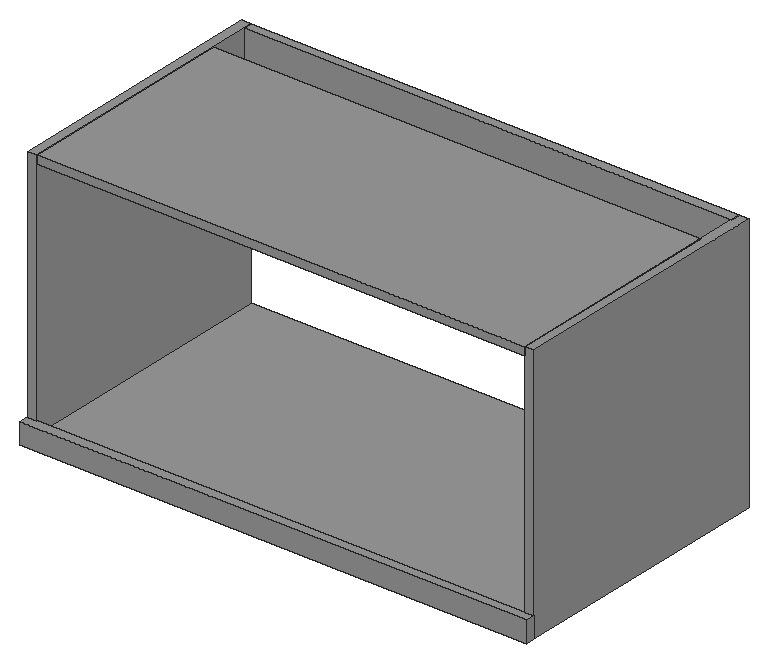
Revit family "Haworth_Masters_Lateral_Attached", category Furniture Systems, Revit 2018
Family settings
  Round Connector Dimension = Use Diameter
  Part Type = Normal
  OmniClass Number = 23.40.70.14.64.21
  OmniClass Title = Systems Furniture
  Work Plane-Based = No
  Always vertical = Yes
  Cut with Voids When Loaded = No
  Shared = No
  Room Calculation Point = No
Parameters (values of type "Attached")
  Width = 42"
  Warranty = "http://www.haworth.com/resources/product-info/warranties"
  URL - Product = "http://www.haworth.com/products/desks/freestanding/masters-series"
  URL = "www.haworth.com"
  Two High = not(or(One High, One And A Half High))  # no
  Top Drawer = not(One High)  # yes
  Sustainability Info = "http://www.haworth.com/company-info/sustainablility"
  Standard Widths = "30, 36 in"  # constant formula
  Size = "Verify Final Dim. w/ Haworth"  # constant formula
  Revision Number = "3"  # constant formula
  Pull Finish = Haworth _ Metal _ Chrome
  One High = no
  One And A Half High = yes
  Model = "Haworth - Masters Lateral - Attached"  # constant formula
  Min. Height = 15 3/16"  # constant formula
  Min. Depth = 18"  # constant formula
  Min Width = 24"  # constant formula
  Max. Depth = 23 3/4"  # constant formula
  Max. Height = 28"  # constant formula
  Max Width = 42"  # constant formula
  Manufacturer = "Haworth"  # constant formula
  Linear Pull = no
  Finished Back = no
  Finger Pull = no
  Drawer Finish = Haworth _ Laminate _ Undecided _ Storage
  Drawer 3 Offset = 1/8"  # constant formula
  Drawer 2 Height = if(Two High, 13", 6 1/2")  # 6 1/2"
  Drawer 1 Height = 13"  # constant formula
  Description = "Haworth - Masters Lateral - Attached"  # constant formula
  Depth 23 or 23.75 = yes
  Depth 18 or 18.75 = not(Depth 23 or 23.75)  # no
  Custom Size = not(or(Width = 30", Width = 36"))  # yes
  Classic Pull = not(or(Finger Pull, Linear Pull, Bar Pull))  # yes
  Cabinet Finish = Haworth _ Laminate _ Undecided _ Storage
  Base Clearance = 0"
  Bar Pull Length = Actual Width - 6"  # 36"
  Bar Pull = no
  Back Edge Of Top = 4"
  Author = "Haworth (Hampton)"  # constant formula
  Attached = yes
  Assembly Code = "E2020200"
  Actual Width = if(Width < Min Width, Min Width, if(Width > Max Width, Max Width, Width))  # 42"
  Actual Height = if(One High, 15 3/16", if(Two High, 28", 21 1/2"))  # 21 1/2"
  Actual Depth = if(Depth 23 or 23.75, 23", 18")  # 23"
  Standard Depths = "18, 18.75, 23, 23.75 in"  # constant formula
Types (2): name | Width | Pull Finish | Drawer Finish | Custom Size | Cabinet Finish | Bar Pull Length | Actual Width
  Attached | 42" | Haworth _ Metal _ Chrome | Haworth _ Laminate _ Undecided _ Storage | yes | Haworth _ Laminate _ Undecided _ Storage | 36" | 42"
  Attached - 30w | 30" | none | Haworth _ Laminate _ Grey Elm | no | Haworth _ Laminate _ Grey Elm | 24" | 30"
Reference planes (in)
  plane 1 "Back": y = 0
  plane 2: z = 0
  plane 3 "Center L/R": x = 0
  plane 4 "Left": x = -21
  plane 5 "Right": x = 21
  plane 6 "Front": y = -23
  plane 7 "Back of Drawers": y = -22.25
  plane 8 "Base of Cabinet": z = 0
  plane 9 "Top": z = 21.5
  plane 10 "Bottom of Keyed": z = 20.125
  plane 11 "Left Caster": x = -18.75
  plane 12 "Right Caster": x = 18.75
  plane 13 "Center F/B": y = -11.5
  plane 14 "Tug Location": z = 20.8125
  plane 15 "Finished Back": y = 0.75
  plane 16 "BACK EDGE OF TOP": y = -4
  plane 17 "Left Side Panel": x = 20.25
  plane 18 "Back Panel Height": z = 12.875
  plane 19 "Side Panel Height": z = 0
  plane 20 "Right Side Panel Height": z = 0
  plane 21: x = 6.63028
  plane 22: x = -20.25
  plane 23: x = -20.25
  plane 24: y = -0.75
  plane 25: z = 1.75
Forms (in)
  Extrusion 1, solid, material "Haworth _ Laminate _ Undecided _ Storage" <- "Cabinet Finish"
    sketch origin (0, 0, 0) x (1, 0, 0) y (0, 1, 0)
      loop
        line (-21, 0) -> (-21, -22.25) -> (-20.25, -22.25) -> (-20.25, 0) -> (-21, 0)
    from 0 to 21.5
  Extrusion 2, solid, material "Haworth _ Laminate _ Undecided _ Storage" <- "Cabinet Finish", visible <- "Attached"
    sketch origin (0, -16.25, 0) x (1, 0, 0) y (0, 1, 0)
      loop
        line (-21, -6) -> (-21, -6.75) -> (21, -6.75) -> (21, -6) -> (-21, -6)
    from 0 to 1.75
  Extrusion 3, solid, material "Haworth _ Laminate _ Undecided _ Storage" <- "Cabinet Finish", visible <- "Attached"
    sketch origin (14.75, 0, 0) x (1, 0, 0) y (0, 1, 0)
      loop
        line (5.5, 0) -> (5.5, -22.25) -> (6.25, -22.25) -> (6.25, 0) -> (5.5, 0)
    from 0 to 21.5
  Extrusion 4, solid, material "Haworth _ Laminate _ Undecided _ Storage" <- "Cabinet Finish", visible <- "Attached"
    sketch origin (0, 0, -12.875) x (1, 0, 0) y (0, 1, 0)
      loop
        line (20.25, -4) -> (-20.25, -4) -> (-20.25, -22.25) -> (20.25, -22.25) -> (20.25, -4)
    from 33.6875 to 34.375
  Extrusion 5, solid, material "Haworth _ Laminate _ Undecided _ Storage" <- "Cabinet Finish", visible <- "Attached"
    sketch origin (0, 0, 0) x (1, 0, 0) y (0, 1, 0)
      loop
        line (20.25, 0) -> (-20.25, 0) -> (-20.25, -0.75) -> (20.25, -0.75) -> (20.25, 0)
    from 12.875 to 21.5
  Extrusion 6, solid, material "Haworth _ Laminate _ Undecided _ Storage" <- "Cabinet Finish", visible <- "Finished Back"
    sketch origin (0, 0, 0) x (1, 0, 0) y (0, 1, 0)
      loop
        line (-21, 0) -> (21, 0) -> (21, 0.75) -> (-21, 0.75) -> (-21, 0)
    from 0 to 21.5 <- "Actual Height"
  Extrusion 7, solid, material "Haworth _ Laminate _ Undecided _ Storage" <- "Cabinet Finish", visible <- "Attached"
    sketch origin (0, 0, -27.3125) x (1, 0, 0) y (0, 1, 0)
      loop
        line (20.25, 0) -> (-20.25, 0) -> (-20.25, -22.25) -> (20.25, -22.25) -> (20.25, 0)
    from 27.3125 to 28.0625
Lines and regions (in)
  Masking region 1
    outline origin (0, 0, 21.5) x (-1, 0, 0) y (0, -1, 0)
      loop
        line (-21, 0) -> (21, 0) -> (21, 23) -> (-21, 23) -> (-21, 0)
  Masking region 2, visible <- "Finished Back"
    outline origin (0, 0, 0) x (1, 0, 0) y (0, 1, 0)
      loop
        line (-21, 0.75) -> (-21, 0) -> (21, 0) -> (21, 0.75) -> (-21, 0.75)
Dimensions and locks (in)
  equal spacing: plane 4 "Left", plane 3 "Center L/R", plane 5 "Right"
  "Actual Width": plane 4 "Left" to plane 5 "Right"
  "Actual Depth": plane 1 "Back" to plane 6 "Front"
  locked: plane 7 "Back of Drawers" to plane 6 "Front" at 0.75
  "Base Clearance": plane 8 "Base of Cabinet" to level
  "Actual Height": plane 9 "Top" to level
  locked: plane 9 "Top" to plane 10 "Bottom of Keyed" at 1.375
  locked: plane 4 "Left" to plane 11 "Left Caster" at 2.25
  locked: plane 12 "Right Caster" to plane 5 "Right" at 2.25
  equal spacing: plane 1 "Back", plane 13 "Center F/B", plane 6 "Front"
  equal spacing: plane 9 "Top", plane 14 "Tug Location", plane 10 "Bottom of Keyed"
  "Back Edge Of Top": plane 1 "Back" to plane 16 "BACK EDGE OF TOP"
  plane 18 "Back Panel Height" to plane 9 "Top" = 8 5/8"
  locked: plane 19 "Side Panel Height" to level
  locked: plane 20 "Right Side Panel Height" to level
  locked: plane 4 "Left" to plane 22 at 0.75
  locked: plane 4 "Left" to Extrusion 4 sketch curve at 0.75
  locked: plane 4 "Left" to plane 23 at 0.75
  locked: plane 17 "Left Side Panel" to plane 5 "Right" at 0.75
  aligned and locked: plane 4 "Left" to Extrusion 1 sketch curve
  aligned and locked: plane 1 "Back" to Extrusion 1 sketch curve
  aligned and locked: plane 7 "Back of Drawers" to Extrusion 1 sketch curve
  aligned: plane 9 "Top" to Extrusion 1
  aligned: Extrusion 1 to plane 8 "Base of Cabinet"
  aligned and locked: plane 7 "Back of Drawers" to Extrusion 2
  aligned and locked: Extrusion 2 to plane 6 "Front"
  aligned: plane 8 "Base of Cabinet" to Extrusion 2
  aligned and locked: Extrusion 2 to plane 2
  aligned and locked: plane 5 "Right" to Extrusion 3 sketch curve
  aligned and locked: plane 9 "Top" to Extrusion 1
  aligned and locked: plane 9 "Top" to Extrusion 3
  aligned and locked: Extrusion 4 sketch curve to plane 16 "BACK EDGE OF TOP"
  aligned and locked: plane 7 "Back of Drawers" to Extrusion 4 sketch curve
  aligned: plane 9 "Top" to Extrusion 4
  aligned and locked: plane 1 "Back" to Extrusion 5 sketch curve
  aligned and locked: plane 9 "Top" to Extrusion 5
  aligned and locked: Extrusion 5 to plane 18 "Back Panel Height"
  aligned and locked: plane 19 "Side Panel Height" to Extrusion 1
  aligned and locked: plane 20 "Right Side Panel Height" to Extrusion 3
  aligned and locked: plane 1 "Back" to Extrusion 6 sketch curve
  aligned and locked: Extrusion 6 sketch curve to plane 15 "Finished Back"
  aligned and locked: Extrusion 6 sketch curve to plane 4 "Left"
  aligned and locked: Extrusion 6 sketch curve to plane 5 "Right"
  aligned and locked: plane 20 "Right Side Panel Height" to Extrusion 6
  aligned: plane 22 to Masking region 1
  aligned: Masking region 1 sketch curve to plane 4 "Left"
  aligned: Masking region 1 to plane 4 "Left"
  aligned: plane 11 "Left Caster" to Extrusion 1
  aligned and locked: plane 22 to Extrusion 1
  aligned: Extrusion 5 to plane 23
  aligned and locked: plane 17 "Left Side Panel" to Extrusion 4
  aligned: plane 17 "Left Side Panel" to Extrusion 5
  aligned and locked: Masking region 1 sketch curve to plane 5 "Right"
  aligned and locked: Extrusion 5 sketch curve to plane 23
  aligned and locked: plane 17 "Left Side Panel" to Extrusion 5 sketch curve
  aligned and locked: Extrusion 7 to plane 1 "Back"
  aligned and locked: Extrusion 7 to plane 22
  aligned and locked: plane 17 "Left Side Panel" to Extrusion 7
  aligned: Extrusion 7 to plane 6 "Front"
  aligned and locked: Extrusion 7 to plane 7 "Back of Drawers"
  aligned and locked: plane 9 "Top" to Extrusion 4
  aligned and locked: Extrusion 4 to plane 14 "Tug Location"
  aligned: plane 17 "Left Side Panel" to Masking region 2
  aligned and locked: Extrusion 5 to plane 24
  aligned and locked: Extrusion 3 to plane 7 "Back of Drawers"
  aligned and locked: Extrusion 3 to plane 1 "Back"
  aligned and locked: Extrusion 3 to plane 17 "Left Side Panel"
  aligned and locked: Extrusion 2 to plane 4 "Left"
  aligned and locked: Extrusion 2 to plane 5 "Right"
  aligned and locked: Extrusion 2 to plane 25
Automatic sketch dimensions
  plane 22 to Extrusion 1 sketch curve = 0"
  Masking region 1 sketch curve to plane 4 "Left" = 0"
  plane 1 "Back" to Masking region 1 sketch curve = 0"
  Masking region 1 sketch curve to plane 6 "Front" = 0"
  Extrusion 2 sketch curve to plane 4 "Left" = 0"
  Extrusion 2 sketch curve to plane 5 "Right" = 0"
  Extrusion 2 sketch curve to plane 6 "Front" = 0"
  plane 7 "Back of Drawers" to Extrusion 2 sketch curve = 0"
  Extrusion 3 sketch curve to plane 7 "Back of Drawers" = 0"
  Extrusion 3 sketch curve to plane 17 "Left Side Panel" = 0"
  Extrusion 3 sketch curve to plane 1 "Back" = 0"
  plane 17 "Left Side Panel" to Extrusion 4 sketch curve = 0"
  plane 1 "Back" to Extrusion 5 sketch curve = 3/4"
  plane 16 "BACK EDGE OF TOP" to Extrusion 7 sketch curve = 4"
  Extrusion 7 sketch curve to plane 22 = 0"
  Extrusion 7 sketch curve to plane 7 "Back of Drawers" = 0"
  plane 17 "Left Side Panel" to Extrusion 7 sketch curve = 0"
  plane 1 "Back" to Masking region 2 sketch curve = 0"
  Masking region 2 sketch curve to plane 4 "Left" = 0"
  plane 17 "Left Side Panel" to Masking region 2 sketch curve = 3/4"
  plane 15 "Finished Back" to Masking region 2 sketch curve = 0"
